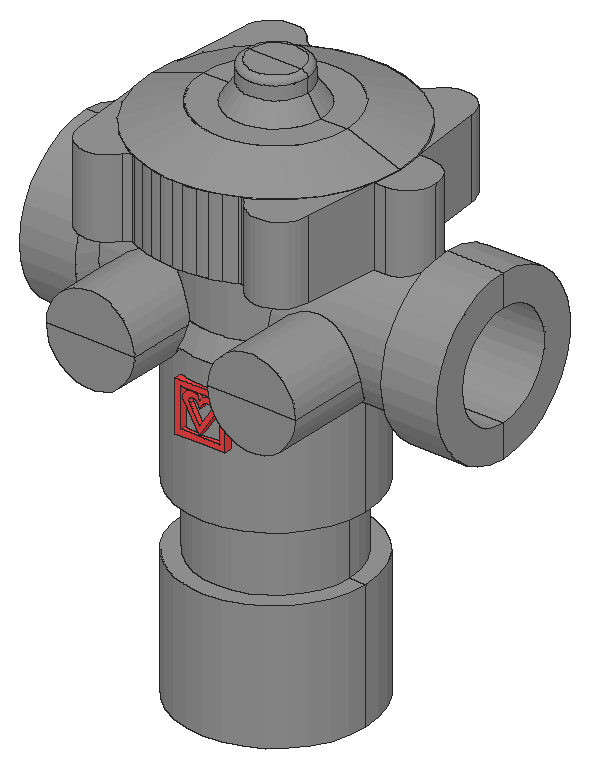
Revit family "Pressure independent control valve 4206_R_SMART_LF_MF", category Rohrzubehör, Revit 2018
Family settings
  Bemaßung runder Anschluss = Durchmesser verwenden
  Teiletyp = Unterbricht
  OmniClass-Nummer = 23.65.55.14
  OmniClass-Titel = Valves for Liquid Services
  Arbeitsebenenbasiert = Nein
  Immer vertikal = Ja
  Beim Laden mit Abzugskörper schneiden = Nein
  Gemeinsam genutzt = Nein
Parameters (values of type "LF")
  min. Operating temperature (pure water) = 2 °C  # constant formula
  min. Operating temperature (frost protection) = -20 °C  # constant formula
  max. Operating temperature up to DN 32 = 130 °C  # constant formula
  max. Operating temperature from DN 40 = 110 °C  # constant formula
  max. Operating pressure = 1600000.0 Pa  # constant formula
  Medium = "water purity in accordance with the ÖNORM H5195 and VDI2035 standards\r\nthe use of ethylene and propylene glycol in a mixture ratio of 25 - 50% by volume [%] is permitted."
  URL = "http://www.herzvalves.com/"
  Pin = "stainless steel 14301"  # constant formula
  SCRNSEQ = "ARM;ARM_TYP=\"DURR\";2"
  SCRNCODE = "05;04;02"  # constant formula
  S04 [instance] = R01 * 2  # 30.00 mm
  S01 [instance] = L01 + L02  # 75.00 mm
  R02 [instance] = size_lookup("4206R_S_LF_MF", "R2", 9.32 mm, Nennweite)  # 9.316 mm
  R01 [instance] = size_lookup("4206R_S_LF_MF", "R1", 15.00 mm, Nennweite)  # 15.00 mm
  PN = 25  # constant formula
  O-Rings = "EPDM"  # constant formula
  Membrane housing = "brass CW602N"  # constant formula
  Membrane = "EPDM"  # constant formula
  MF [instance] = no
  Lift = 4.00 mm  # constant formula
  LF [instance] = yes
  L14 = 44.00 mm  # constant formula
  L13 = 32.23 mm  # constant formula
  L06 = 3.44 mm  # constant formula
  Capillary pipe = "copper Cu-DHP (CW024A)"  # constant formula
  Hersteller = "Herz-Armaturen GmbH"  # constant formula
  H10 = 22.33 mm  # constant formula
  Housing = "DZR brass CC770S"  # constant formula
  Spring = "spring steel"  # constant formula
  Bestellnummer [instance] = if(and(LF, Nennweite = 15.00 mm), 1420660, if(and(MF, Nennweite = 15.00 mm), 1420669, 0))  # 1420660
  Protective cap = "plastic"  # constant formula
  B16 = 26.00 mm  # constant formula
  B15 = 23.00 mm  # constant formula
  B14 = 8.73 mm  # constant formula
  B13 = 40.79 mm  # constant formula
  B12 = 36.73 mm  # constant formula
  B11 = 34.69 mm  # constant formula
  B10 = 31.75 mm  # constant formula
  B09 [instance] = size_lookup("4206R_S_LF_MF", "B9", 3.30 mm, Nennweite)  # 3.30 mm
  Nennweite [instance] = 15.00 mm
  L05 = 3.44 mm  # constant formula
  L04 [instance] = size_lookup("4206R_S_LF_MF", "L4", 12.00 mm, Nennweite)  # 12.00 mm
  L03 [instance] = size_lookup("4206R_S_LF_MF", "L3", 10.00 mm, Nennweite)  # 10.00 mm
  L02 = 34.00 mm  # constant formula
  L01 = 41.00 mm  # constant formula
  H09 = 1.08 mm  # constant formula
  H08 = 4.24 mm  # constant formula
  H07 = 28.19 mm  # constant formula
  H06 = 24.02 mm  # constant formula
  H05 = 10.06 mm  # constant formula
  H04 = 6.74 mm  # constant formula
  H03 = 3.46 mm  # constant formula
  H02 [instance] = size_lookup("4206R_S_LF_MF", "H2", 65.00 mm, Nennweite)  # 67.00 mm
  H01 = 35.00 mm  # constant formula
  B08 = 23.05 mm  # constant formula
  B07 [instance] = size_lookup("4206R_S_LF_MF", "B7", 16.50 mm, Nennweite)  # 16.50 mm
  B06 = 5.86 mm  # constant formula
  B05 = 3.70 mm  # constant formula
  B04 = 6.75 mm  # constant formula
  B03 = 7.93 mm  # constant formula
  B02 [instance] = size_lookup("4206R_S_LF_MF", "B2", 12.50 mm, Nennweite)  # 12.50 mm
  B01 = 41.62 mm  # constant formula
  Application = "the Pressure Independent Balancing Control Valve (PIBCV) is used in all heating and cooling systems with circulation pumps.\r\nthe valve automatically maintains flow to the required part of the system at the set rate by measuring and immediately adjusting to any variation in pressure.\r\nno additional measurements are necessary and the correct flow rate is achieved at all operating conditions.\r\nthe diaphragm responds to the pressure upstream and downstream of the regulating valve (via an internal impulse line).\r\nthe valve settings directly affect the volumetric flow through the valve.\r\nit is thus possible to set the maximum flow rate based on the flow chart when the valve is fitted.\r\nthis allows for the balancing of heating circuits, cooling water systems, ceiling cooling and heating panels, air heaters, etc. without any need to first assess the pressure variations in the system.\r\nthe valve‘s principal application is as a control valve for terminal units."
Types (3, lengths in mm): name | MF | LF | Bestellnummer
  (no name) | no | yes | 1420660
  LF | no | yes | 1420660
  MF | yes | no | 1420669
Reference planes
  plane 1 "Mitte (Vorne/hinten)": y = 0
  plane 2: z = 0
  plane 3 "Mitte (Links/rechts)": x = 0
Forms (mm)
  Revolve 1, solid, material "Messing, weicher Gelbton, geschweißt", detail levels fine
    sketch origin (0, 0, 0) x (1, 0, 0) y (0, 0, 1)
      loop
        line (0, -67) -> (16.292, -67) -> (16.292, -44) -> (13.292, -44) -> (13.292, -32.23) -> (16.292, -32.23) -> (16.292, -6.498) -> (14.505, -2.652) -> (14.505, 6.81) -> (22.33, 10.98) -> (22.33, 24.94) -> (12.949, 28.26) -> (8.129, 28.26) -> (5.75, 31.54) -> (5.75, 33.92)
        arc (5.75, 33.92) -> (5.434, 34.684) -> (4.67, 35) r 1.08
        line (4.67, 35) -> (0, 35) -> (0, -67)
      axis (0, 35) -> (0, -67)
    angle from 0 to 360
  Revolve 2, solid, material "Messing, weicher Gelbton, geschweißt", detail levels fine
    sketch origin (0, 0, -3.3) x (1, 0, 0) y (0, 1, 0)
      loop
        line (-20.425, -26) -> (-12.5, -26) -> (-12.5, -8.046) -> (-20.425, -8.046) -> (-20.425, -26)
      axis (-12.5, -8.046) -> (-12.5, -26)
    angle from 0 to 360
  Revolve 3, solid, material "Messing, weicher Gelbton, geschweißt", detail levels fine
    sketch origin (0, 0, 0) x (-1, 0, 0) y (0, 0, 1)
      loop
        line (34, 9.316) -> (34, 15) -> (24, 15) -> (22.317, 12) -> (-29.317, 12) -> (-31, 15) -> (-41, 15) -> (-41, 9.316) -> (-27.815, 9.316) -> (-27.815, 0) -> (20.815, 0) -> (20.815, 9.315) -> (34, 9.316)
      axis (-41, 0) -> (34, 0)
    angle from 0 to 360
  Extrusion 4, solid, material "Messing, weicher Gelbton, geschweißt", detail levels fine
    sketch origin (0, 0, 25.912) x (-1, 0, 0) y (0, -1, 0)
      loop
        arc (-20.427, -18.385) -> (-16.688, -23.223) -> (-11.063, -20.825) r 5
        arc (-11.063, -20.825) -> (-10.486, -20.308) -> (-9.758, -20.047) r 2.018
        arc (-9.758, -20.047) -> (0, -22.329) -> (9.758, -20.047) r 22
        arc (9.758, -20.047) -> (10.486, -20.308) -> (11.063, -20.825) r 2.018
        arc (11.063, -20.825) -> (16.688, -23.223) -> (20.427, -18.385) r 5
        arc (20.427, -18.385) -> (22, 0) -> (20.427, 18.385) r 108.221
        arc (20.427, 18.385) -> (16.688, 23.223) -> (11.063, 20.825) r 5
        arc (11.063, 20.825) -> (10.486, 20.308) -> (9.758, 20.047) r 2.018
        arc (9.758, 20.047) -> (0, 22.329) -> (-9.758, 20.047) r 22
        arc (-9.758, 20.047) -> (-10.486, 20.308) -> (-11.063, 20.825) r 2.018
        arc (-11.063, 20.825) -> (-16.688, 23.223) -> (-20.427, 18.385) r 5
        arc (-20.427, 18.385) -> (-21.356, 11.79) -> (-21.877, 5.15) r 108.221
        line (-21.877, 5.15) -> (-23.7, 5.15)
        arc (-23.7, 5.15) -> (-27.342, 3.642) -> (-28.85, 0) r 5.15
        arc (-28.85, 0) -> (-27.342, -3.642) -> (-23.7, -5.15) r 5.15
        line (-23.7, -5.15) -> (-21.877, -5.15)
        arc (-21.877, -5.15) -> (-21.356, -11.79) -> (-20.427, -18.385) r 108.221
    from -14.932 to -0.972
  Revolve 5, solid, material "Messing, weicher Gelbton, geschweißt", detail levels fine
    sketch origin (4, 0, -3.3) x (-1, 0, 0) y (0, -1, 0)
      loop
        line (-20.425, 26) -> (-20.425, 8.046) -> (-12.5, 8.046) -> (-12.5, 26) -> (-20.425, 26)
      axis (-12.5, 8.046) -> (-12.5, 26)
    angle from 0 to 360
Lines and regions (mm)
  model lines, detail levels coarse+medium
    curve 1: line (37.5, -15, 0) -> (37.5, 15, 0)
    curve 2: line (37.5, 15, 0) -> (-37.5, -15, 0)
    curve 3: line (-37.5, -15, 0) -> (-37.5, 15, 0)
    curve 4: line (-37.5, 15, 0) -> (37.5, -15, 0)
    curve 5: line (-37.5, 14.673, 0) -> (0, -6.74, 0)
    curve 6: line (0, -6.74, 0) -> (37.5, 14.673, 0)
    curve 7: line (0, -6.74, 0) -> (0, -24.94, 0)
    curve 8: spline (-22.33, -29.97, 0) -> (-21.569, -28.668, 0) -> (-19.338, -27.455, 0) -> (-15.79, -26.413, 0) -> (-11.165, -25.614, 0) -> (-5.779, -25.111, 0) -> (0, -24.94, 0) -> (5.779, -25.111, 0) -> (11.165, -25.614, 0) -> (15.79, -26.413, 0) -> (19.338, -27.455, 0) -> (21.569, -28.668, 0) -> (22.33, -29.97, 0) -> (21.569, -31.272, 0) -> (19.338, -32.485, 0) -> (15.79, -33.527, 0) -> (11.165, -34.326, 0) -> (5.779, -34.829, 0) -> (0, -35, 0) -> (-5.779, -34.829, 0) -> (-11.165, -34.326, 0) -> (-15.79, -33.527, 0) -> (-19.338, -32.485, 0) -> (-21.569, -31.272, 0) -> (-22.33, -29.97, 0)
    curve 9: line (-37.5, 0, 15) -> (-37.5, 0, -15)
    curve 10: line (-37.5, 0, -15) -> (37.5, 0, 15)
    curve 11: line (37.5, 0, 15) -> (37.5, 0, -15)
    curve 12: line (37.5, 0, -15) -> (-37.5, 0, 15)
    curve 13: line (37.287, 0, -14.915) -> (0, 0, 6.74)
    curve 14: line (0, 0, 6.74) -> (-37.5, 0, -15)
    curve 15: line (0, 0, 6.74) -> (0, 0, 24.94)
    curve 16: spline (-22.33, 0, 29.97) -> (-21.569, 0, 31.272) -> (-19.338, 0, 32.485) -> (-15.79, 0, 33.527) -> (-11.165, 0, 34.326) -> (-5.779, 0, 34.829) -> (0, 0, 35) -> (5.779, 0, 34.829) -> (11.165, 0, 34.326) -> (15.79, 0, 33.527) -> (19.338, 0, 32.485) -> (21.569, 0, 31.272) -> (22.33, 0, 29.97) -> (21.569, 0, 28.668) -> (19.338, 0, 27.455) -> (15.79, 0, 26.413) -> (11.165, 0, 25.614) -> (5.779, 0, 25.111) -> (0, 0, 24.94) -> (-5.779, 0, 25.111) -> (-11.165, 0, 25.614) -> (-15.79, 0, 26.413) -> (-19.338, 0, 27.455) -> (-21.569, 0, 28.668) -> (-22.33, 0, 29.97)
Dimensions and locks
  "H01": Revolve 1 sketch curve to plane 2
  "H02": plane 2 to Revolve 1 sketch curve
  "H03": Revolve 1 sketch curve to Revolve 1 sketch curve
  "H04": Revolve 1 sketch curve to Revolve 1 sketch curve
  "H05": Revolve 1 sketch curve to Revolve 1 sketch curve
  "H06": Revolve 1 sketch curve to Revolve 1 sketch curve
  "H07": Revolve 1 sketch curve to Revolve 1 sketch curve
  "H08": Revolve 1 sketch curve to Revolve 1 sketch curve
  "L02": plane 3 "Mitte (Links/rechts)" to Revolve 3 sketch curve
  "L01": Revolve 3 sketch curve to plane 3 "Mitte (Links/rechts)"
  "L03": Revolve 3 sketch curve to Revolve 3 sketch curve
  "L04": Revolve 3 sketch curve to plane 2
  "L05": Revolve 3 sketch curve to Revolve 3 sketch curve
  "R01": Revolve 3 sketch curve to plane 2  (x2)
  "R02": Revolve 3 sketch curve to plane 2  (x2)
  "B16": Revolve 2 sketch curve to plane 1 "Mitte (Vorne/hinten)"
  "B02": Revolve 2 sketch curve to plane 3 "Mitte (Links/rechts)"
  "B16": plane 1 "Mitte (Vorne/hinten)" to Revolve 5 sketch curve
  "B07": plane 3 "Mitte (Links/rechts)" to Revolve 5 sketch curve
  "L06": Revolve 3 sketch curve to Revolve 3 sketch curve
  "S01": curve 3 to curve 1
  equal spacing: curve 3, plane 3 "Mitte (Links/rechts)", curve 1
  "S04": curve 2 to curve 4
  "S04": curve 4 to curve 3
  "H10": plane 3 "Mitte (Links/rechts)" to Revolve 1 sketch curve
  "H10": curve 8 to plane 3 "Mitte (Links/rechts)" to curve 8
  "H01": curve 8 to plane 1 "Mitte (Vorne/hinten)"
  "H05": curve 8 to curve 8
  equal spacing: curve 3, plane 1 "Mitte (Vorne/hinten)", curve 4
  equal spacing: curve 4, plane 1 "Mitte (Vorne/hinten)", curve 2
  "H04": curve 7 to plane 1 "Mitte (Vorne/hinten)"
  "S01": curve 9 to curve 11
  equal spacing: curve 9, plane 3 "Mitte (Links/rechts)", curve 11
  "H10": curve 16 to plane 3 "Mitte (Links/rechts)" to curve 16
  "S04": curve 12 to curve 14
  "S04": curve 11 to curve 12
  equal spacing: curve 12, plane 2, curve 14
  equal spacing: curve 11, plane 2, curve 12
  "H04": curve 15 to plane 2
  "H01": curve 16 to plane 2
  "H05": curve 16 to curve 16
  "L13": plane 2 to Revolve 1 sketch curve
  "L14": plane 2 to Revolve 1 sketch curve
  "H09": radius of Revolve 1 sketch curve
  aligned and locked: level to plane 2
  aligned and locked: Revolve 1 to Extrusion 4
  aligned and locked: Extrusion 4 to Revolve 1
Automatic sketch dimensions
  Extrusion 4 sketch curve to Extrusion 4 sketch curve = 0.00 mm  (x5)
  plane 1 "Mitte (Vorne/hinten)" to Extrusion 4 sketch curve = 0.00 mm  (x3)
  Extrusion 4 sketch curve to plane 3 "Mitte (Links/rechts)" = 0.00 mm  (x2)
  plane 3 "Mitte (Links/rechts)" to Extrusion 4 sketch curve = 9.452 mm  (x2)
  Extrusion 4 sketch curve to Extrusion 4 sketch curve = 5.975 mm  (x4)
  Extrusion 4 sketch curve to plane 1 "Mitte (Vorne/hinten)" = 5.15 mm
  Extrusion 4 sketch curve to Extrusion 4 sketch curve = 6.45 mm
  Extrusion 4 sketch curve to Extrusion 4 sketch curve = 1.823 mm
  Extrusion 4 sketch curve to Extrusion 4 sketch curve = 57.371 mm
  Extrusion 4 sketch curve to plane 3 "Mitte (Links/rechts)" = 9.452 mm  (x2)
  Extrusion 4 sketch curve to Extrusion 4 sketch curve = 70.794 mm
  Extrusion 4 sketch curve to Extrusion 4 sketch curve = 13.235 mm  (x2)
  Extrusion 4 sketch curve to plane 1 "Mitte (Vorne/hinten)" = 18.385 mm
  Extrusion 4 sketch curve to Extrusion 4 sketch curve = 3.657 mm  (x4)
  Extrusion 4 sketch curve to plane 1 "Mitte (Vorne/hinten)" = 0.329 mm
  plane 1 "Mitte (Vorne/hinten)" to Extrusion 4 sketch curve = 0.329 mm
  plane 1 "Mitte (Vorne/hinten)" to Extrusion 4 sketch curve = 18.385 mm
  Extrusion 4 sketch curve to Extrusion 4 sketch curve = 0.306 mm  (x4)
  Extrusion 4 sketch curve to Extrusion 4 sketch curve = 1.305 mm  (x3)
  Extrusion 4 sketch curve to Extrusion 4 sketch curve = 5.00 mm
  curve 6 to plane 3 "Mitte (Links/rechts)" = 0.00 mm
  curve 6 to curve 1 = 0.327 mm
  curve 5 to curve 3 = 0.327 mm
  Revolve 1 sketch curve to plane 3 "Mitte (Links/rechts)" = 0.00 mm  (x2)
  plane 3 "Mitte (Links/rechts)" to Revolve 1 sketch curve = 4.67 mm
  Revolve 1 sketch curve to Revolve 1 sketch curve = 2.379 mm
  Revolve 1 sketch curve to Revolve 1 sketch curve = 4.82 mm
  plane 3 "Mitte (Links/rechts)" to Revolve 1 sketch curve = 13.292 mm
  Revolve 1 sketch curve to level = 2.652 mm
  plane 3 "Mitte (Links/rechts)" to Revolve 1 sketch curve = 14.505 mm
  Revolve 1 sketch curve to Revolve 1 sketch curve = 3.00 mm  (x2)
  Revolve 1 sketch curve to Revolve 1 sketch curve = 292.892 mm
  Revolve 1 sketch curve to Revolve 1 sketch curve = 2176.299 mm
  Revolve 2 sketch curve to Revolve 2 sketch curve = 0.00 mm  (x3)
  Revolve 2 sketch curve to Revolve 2 sketch curve = 7.925 mm
  plane 1 "Mitte (Vorne/hinten)" to Revolve 2 sketch curve = 8.046 mm
  Revolve 3 sketch curve to level = 0.00 mm  (x2)
  Revolve 3 sketch curve to Revolve 3 sketch curve = 10.00 mm
  Revolve 3 sketch curve to Revolve 3 sketch curve = 1.501 mm  (x2)
  Revolve 3 sketch curve to Revolve 3 sketch curve = 1315.107 mm
  Revolve 3 sketch curve to Revolve 3 sketch curve = 1862.053 mm
  Revolve 5 sketch curve to Revolve 5 sketch curve = 0.00 mm  (x3)
  Revolve 5 sketch curve to Revolve 5 sketch curve = 7.925 mm
  plane 1 "Mitte (Vorne/hinten)" to Revolve 5 sketch curve = 8.046 mm
  curve 14 to plane 3 "Mitte (Links/rechts)" = 0.00 mm
  curve 13 to level = 14.915 mm
Nested families
  nested 1: "Herz-Logo-vorne" at (0, -16.164, -15) x (0, 1, 0) z (0, 0, 1), type "Herz-Logo-vorne"
Connectors
  piping at (41, 0, 0), diameter 15, driven by "Nennweite"
    settings: on Revolve 3, index 1, connector inside diameter 609.6 mm, connector length 0.00 mm, flow factor 0, pipe flow 0.0 L/s, pressure drop 0.0 Pa, fitting loss kfactor 0, connector angle 0.00°, fixture units 0, engagement length 0.00 mm, angle of deflection 0.00°, flow configuration 0, flow direction 2, fitting loss method 0, system type 29, joint type 0, gender type 0, connector reference index -1, connector utility 0, adjustable connector no, is connector primary yes, connector description ""
  piping at (-34, 0, 0), diameter 15, driven by "Nennweite"
    settings: on Revolve 3, index 2, connector inside diameter 609.6 mm, connector length 0.00 mm, flow factor 0, pipe flow 0.0 L/s, pressure drop 0.0 Pa, fitting loss kfactor 0, connector angle 0.00°, fixture units 0, engagement length 0.00 mm, angle of deflection 0.00°, flow configuration 0, flow direction 1, fitting loss method 0, system type 29, joint type 0, gender type 0, connector reference index -1, connector utility 0, adjustable connector no, is connector primary no, connector description ""
Definition of nested family "Herz-Logo-vorne"
  Reference planes
    plane 1 "Mitte (Vorne/hinten)": y = 0
    plane 2: z = 0
    plane 3 "Mitte (Links/rechts)": x = 0
  Forms (mm)
    Extrusion 1, solid
      sketch origin (0.732, -0.018, 0.017) x (0, -1, 0) y (0, 0, 1)
        loop
          line (-0.018, -4.517) -> (4.482, -4.517) -> (4.482, 4.483) -> (-4.518, 4.483) -> (-4.518, -4.517) -> (-0.018, -4.517)
        loop
          line (-0.05, -3.48) -> (3.482, -3.48) -> (3.482, 3.483) -> (-3.518, 3.483) -> (-3.518, -3.48) -> (-0.05, -3.48)
        loop
          arc (-0.018, 2.383) -> (-1.543, 3.287) -> (-3.067, 2.383) r 1.738
          arc (-3.067, 2.383) -> (-3.191, 1.899) -> (-3.067, 1.415) r 1.009
          line (-3.067, 1.415) -> (-0.018, -3.281) -> (3.032, 1.415)
          arc (3.032, 1.415) -> (3.156, 1.899) -> (3.032, 2.383) r 1.009
          arc (3.032, 2.383) -> (1.507, 3.287) -> (-0.018, 2.383) r 1.738
        loop
          arc (1.885, 1.272) -> (2.005, 1.675) -> (1.885, 2.079) r 0.74
          arc (1.885, 2.079) -> (1.265, 2.416) -> (0.644, 2.079) r 0.74
          line (0.644, 2.079) -> (-0.018, 0.97) -> (-0.679, 2.079)
          arc (-0.679, 2.079) -> (-1.3, 2.416) -> (-1.921, 2.079) r 0.74
          arc (-1.921, 2.079) -> (-2.04, 1.675) -> (-1.921, 1.272) r 0.74
          line (-1.921, 1.272) -> (-0.018, -1.658) -> (1.885, 1.272)
      from 0 to 1.5
  Dimensions and locks
    aligned and locked: level to plane 2
